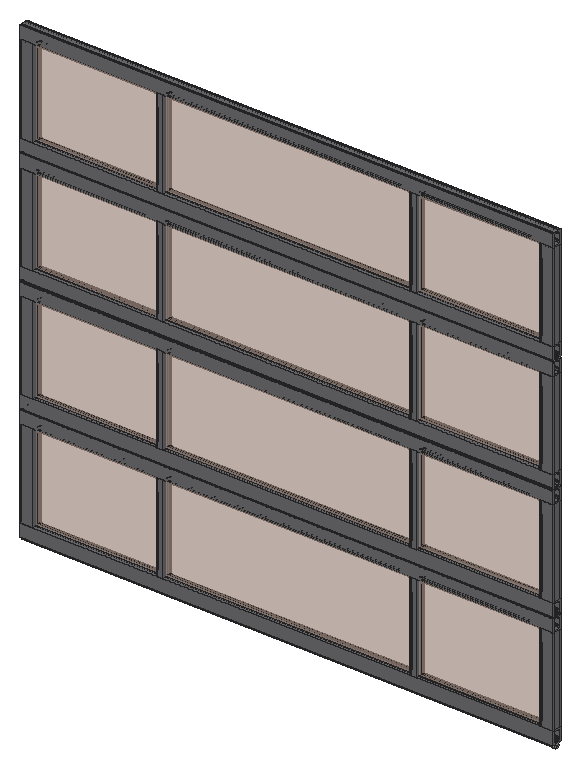
Revit family "GAS 12PUE CG", category Doors, host Wall, Revit 2024 (continued)
Automatic sketch dimensions
  Extrusion 6 sketch curve to plane 12 = 0.1 mm  (x4)
  Extrusion 6 sketch curve to Extrusion 6 sketch curve = 1.066 mm  (x3)
  Extrusion 6 sketch curve to plane 12 = 26.85 mm  (x2)
  Extrusion 6 sketch curve to plane 12 = 6.8 mm
  Extrusion 6 sketch curve to Extrusion 6 sketch curve = 21.2 mm  (x2)
  Extrusion 6 sketch curve to Extrusion 6 sketch curve = 2.6 mm  (x2)
  Extrusion 6 sketch curve to plane 12 = 10.1 mm  (x3)
  plane 2 "Center (Left/Right)" to Extrusion 6 sketch curve = 580 mm
  Extrusion 6 sketch curve to Extrusion 6 sketch curve = 0.405 mm
  Extrusion 6 sketch curve to Extrusion 6 sketch curve = 0.493 mm  (x2)
  plane 4 "Right" to Extrusion 6 sketch curve = 30 mm
  Extrusion 6 sketch curve to plane 4 "Right" = 12.547 mm  (x2)
  plane 9 "Garage Left" to Extrusion 6 sketch curve = 5.4 mm  (x2)
  plane 9 "Garage Left" to Extrusion 6 sketch curve = 1.8 mm  (x4)
  Extrusion 6 sketch curve to Extrusion 6 sketch curve = 16.75 mm
  Extrusion 6 sketch curve to Extrusion 6 sketch curve = 20.05 mm
  Extrusion 6 sketch curve to Extrusion 6 sketch curve = 4.55 mm  (x2)
  Extrusion 6 sketch curve to Extrusion 6 sketch curve = 30.55 mm  (x2)
  Extrusion 6 sketch curve to Extrusion 6 sketch curve = 4 mm  (x4)
  Extrusion 6 sketch curve to Extrusion 6 sketch curve = 13.15 mm  (x2)
  Extrusion 6 sketch curve to Extrusion 6 sketch curve = 9.4 mm  (x2)
  Extrusion 6 sketch curve to Extrusion 6 sketch curve = 2.1 mm  (x2)
  Extrusion 6 sketch curve to Extrusion 6 sketch curve = 0.55 mm  (x6)
  Extrusion 6 sketch curve to Extrusion 6 sketch curve = 0.05 mm
  Extrusion 6 sketch curve to Extrusion 6 sketch curve = 13.7 mm  (x2)
  Extrusion 6 sketch curve to Extrusion 6 sketch curve = 1.75 mm  (x4)
  Extrusion 6 sketch curve to Extrusion 6 sketch curve = 2.75 mm  (x2)
  Extrusion 6 sketch curve to Extrusion 6 sketch curve = 9.95 mm  (x2)
  Extrusion 6 sketch curve to Extrusion 6 sketch curve = 1.5 mm  (x3)
  Extrusion 6 sketch curve to plane 12 = 1.9 mm  (x2)
  Extrusion 7 sketch curve to plane 10 "Garage Right" = 0 mm  (x3)
  Extrusion 7 sketch curve to plane 9 "Garage Left" = 0 mm  (x3)
  Extrusion 7 sketch curve to Extrusion 7 sketch curve = 1.8 mm  (x31)
  Extrusion 7 sketch curve to Extrusion 7 sketch curve = 0 mm  (x5)
  plane 10 "Garage Right" to Extrusion 7 sketch curve = 1.8 mm  (x2)
  Extrusion 7 sketch curve to Extrusion 7 sketch curve = 2 mm  (x6)
  Extrusion 7 sketch curve to Extrusion 7 sketch curve = 1.6 mm  (x4)
  Extrusion 7 sketch curve to Extrusion 7 sketch curve = 7.147 mm  (x2)
  Extrusion 7 sketch curve to plane 12 = 1.85 mm  (x7)
  Extrusion 7 sketch curve to Extrusion 7 sketch curve = 0.953 mm  (x16)
  Extrusion 7 sketch curve to plane 12 = 2.4 mm  (x3)
  Extrusion 7 sketch curve to Extrusion 7 sketch curve = 3 mm  (x8)
  Extrusion 7 sketch curve to plane 3 "Left" = 12.747 mm  (x2)
  Extrusion 7 sketch curve to Extrusion 7 sketch curve = 7.947 mm  (x2)
  Extrusion 7 sketch curve to Extrusion 7 sketch curve = 0.8 mm  (x3)
  Extrusion 7 sketch curve to Extrusion 7 sketch curve = 1.205 mm  (x6)
  Extrusion 7 sketch curve to Extrusion 7 sketch curve = 1.293 mm  (x3)
  Extrusion 7 sketch curve to Extrusion 7 sketch curve = 0.241 mm  (x6)
  Extrusion 7 sketch curve to Extrusion 7 sketch curve = 0.402 mm  (x6)
  Extrusion 7 sketch curve to plane 12 = 0.1 mm  (x4)
  Extrusion 7 sketch curve to plane 12 = 24.1 mm  (x2)
  Extrusion 7 sketch curve to Extrusion 7 sketch curve = 580 mm
  Extrusion 7 sketch curve to Extrusion 7 sketch curve = 0.993 mm  (x3)
  Extrusion 7 sketch curve to Extrusion 7 sketch curve = 1.066 mm  (x5)
  Extrusion 7 sketch curve to Extrusion 7 sketch curve = 0.405 mm  (x2)
  Extrusion 7 sketch curve to Extrusion 7 sketch curve = 21.2 mm  (x2)
  Extrusion 7 sketch curve to Extrusion 7 sketch curve = 2.6 mm  (x3)
  Extrusion 7 sketch curve to plane 12 = 8.6 mm
  Extrusion 7 sketch curve to plane 12 = 10.1 mm  (x3)
  plane 2 "Center (Left/Right)" to Extrusion 7 sketch curve = 580 mm
  Extrusion 7 sketch curve to plane 12 = 6.8 mm
  Extrusion 7 sketch curve to plane 12 = 26.85 mm
  plane 4 "Right" to Extrusion 7 sketch curve = 30 mm  (x2)
  Extrusion 7 sketch curve to Extrusion 7 sketch curve = 0.493 mm
  Extrusion 7 sketch curve to Extrusion 7 sketch curve = 10.547 mm
  Extrusion 7 sketch curve to plane 4 "Right" = 12.547 mm  (x2)
  plane 9 "Garage Left" to Extrusion 7 sketch curve = 5.4 mm  (x2)
  plane 9 "Garage Left" to Extrusion 7 sketch curve = 1.8 mm  (x3)
  Extrusion 7 sketch curve to Extrusion 7 sketch curve = 24.45 mm
  Extrusion 7 sketch curve to Extrusion 7 sketch curve = 2.75 mm  (x5)
  Extrusion 7 sketch curve to Extrusion 7 sketch curve = 16.75 mm  (x2)
  Extrusion 7 sketch curve to Extrusion 7 sketch curve = 4.55 mm
  Extrusion 7 sketch curve to Extrusion 7 sketch curve = 30.55 mm  (x2)
  Extrusion 7 sketch curve to Extrusion 7 sketch curve = 4 mm  (x4)
  Extrusion 7 sketch curve to Extrusion 7 sketch curve = 13.15 mm  (x2)
  Extrusion 7 sketch curve to Extrusion 7 sketch curve = 9.4 mm  (x2)
  Extrusion 7 sketch curve to Extrusion 7 sketch curve = 2.1 mm  (x2)
  Extrusion 7 sketch curve to Extrusion 7 sketch curve = 0.55 mm  (x7)
  Extrusion 7 sketch curve to Extrusion 7 sketch curve = 0.05 mm
  Extrusion 7 sketch curve to Extrusion 7 sketch curve = 13.7 mm  (x2)
  Extrusion 7 sketch curve to Extrusion 7 sketch curve = 1.75 mm  (x4)
  Extrusion 7 sketch curve to Extrusion 7 sketch curve = 9.95 mm  (x2)
  Extrusion 7 sketch curve to Extrusion 7 sketch curve = 3.3 mm
  Extrusion 7 sketch curve to Extrusion 7 sketch curve = 10 mm  (x2)
  Extrusion 7 sketch curve to Extrusion 7 sketch curve = 1.5 mm  (x4)
  Extrusion 7 sketch curve to plane 12 = 1.9 mm  (x2)
  plane 5 to Sweep 11 sketch curve = 25 mm
  plane 2 "Center (Left/Right)" to Sweep 11 sketch curve = 610 mm
  plane 4 "Right" to Sweep 11 sketch curve = 30.007 mm
  Sweep 11 sketch curve to Sweep 11 sketch curve = 413.091 mm
  plane 2 "Center (Left/Right)" to Sweep 15 sketch curve = 610 mm
  plane 4 "Right" to Sweep 15 sketch curve = 30.007 mm
  plane 5 to Sweep 15 sketch curve = 977.091 mm
  Sweep 15 sketch curve to Sweep 15 sketch curve = 413.091 mm
  plane 2 "Center (Left/Right)" to Sweep 18 sketch curve = 610 mm
  plane 4 "Right" to Sweep 18 sketch curve = 30.007 mm
  level to Sweep 18 sketch curve = 618.909 mm
  Sweep 18 sketch curve to Sweep 18 sketch curve = 413.091 mm
  plane 2 "Center (Left/Right)" to Sweep 21 sketch curve = 610 mm
  plane 4 "Right" to Sweep 21 sketch curve = 30.007 mm
  level to Sweep 21 sketch curve = 79.909 mm
  Sweep 21 sketch curve to Sweep 21 sketch curve = 413.091 mm
  plane 5 to Sweep 12 sketch curve = 25 mm
  Sweep 12 sketch curve to plane 2 "Center (Left/Right)" = 610 mm
  Sweep 12 sketch curve to plane 3 "Left" = 30.007 mm
  Sweep 12 sketch curve to Sweep 12 sketch curve = 413.091 mm
  Sweep 16 sketch curve to plane 2 "Center (Left/Right)" = 610 mm
  Sweep 16 sketch curve to plane 3 "Left" = 30.007 mm
  plane 5 to Sweep 16 sketch curve = 564 mm
  Sweep 16 sketch curve to Sweep 16 sketch curve = 413.091 mm
  Sweep 19 sketch curve to plane 2 "Center (Left/Right)" = 610 mm
  Sweep 19 sketch curve to plane 3 "Left" = 30.007 mm
  level to Sweep 19 sketch curve = 1032 mm
  Sweep 19 sketch curve to Sweep 19 sketch curve = 413.091 mm
  Sweep 22 sketch curve to plane 2 "Center (Left/Right)" = 610 mm
  Sweep 22 sketch curve to plane 3 "Left" = 30.007 mm
  level to Sweep 22 sketch curve = 493 mm
  level to Sweep 22 sketch curve = 79.909 mm
  Sweep 23 sketch curve to plane 2 "Center (Left/Right)" = 580 mm
  level to Sweep 23 sketch curve = 80 mm
  plane 2 "Center (Left/Right)" to Sweep 23 sketch curve = 580 mm
  Sweep 23 sketch curve to Sweep 23 sketch curve = 413 mm
  Sweep 20 sketch curve to plane 2 "Center (Left/Right)" = 580 mm
  plane 2 "Center (Left/Right)" to Sweep 20 sketch curve = 580 mm
  level to Sweep 20 sketch curve = 619 mm
  Sweep 20 sketch curve to Sweep 20 sketch curve = 413 mm
  Sweep 17 sketch curve to plane 2 "Center (Left/Right)" = 580 mm
  plane 2 "Center (Left/Right)" to Sweep 17 sketch curve = 580 mm
  plane 5 to Sweep 17 sketch curve = 977 mm
  Sweep 17 sketch curve to Sweep 17 sketch curve = 413 mm
  plane 5 to Sweep 14 sketch curve = 25 mm
  Sweep 14 sketch curve to plane 2 "Center (Left/Right)" = 580 mm
  plane 2 "Center (Left/Right)" to Sweep 14 sketch curve = 580 mm
  Sweep 14 sketch curve to Sweep 14 sketch curve = 413 mm
